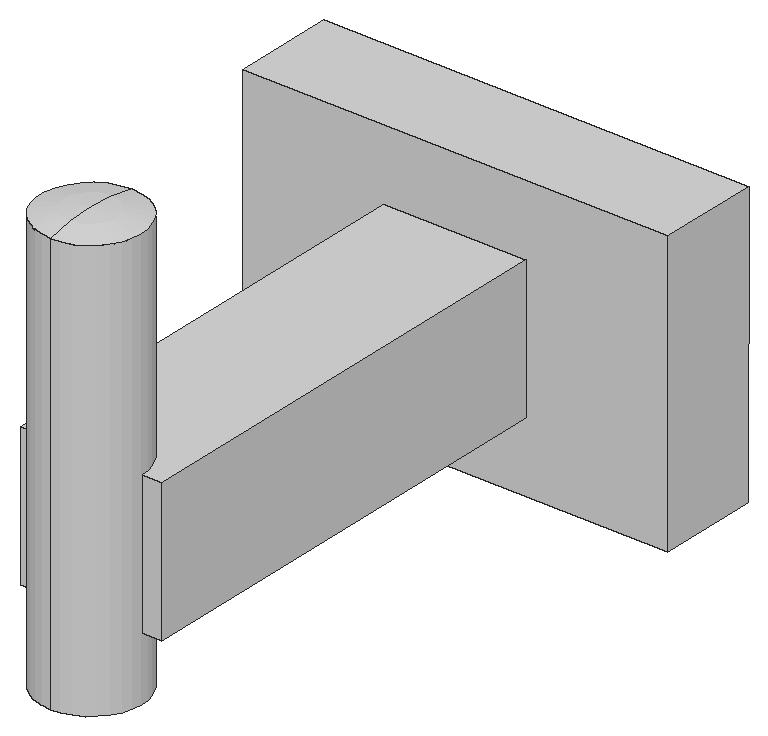
Revit family "Reece_Accessory_GROHE_Essentials Cube_Robe Hook", category Plumbing Fixtures, Revit 2018
Family settings
  Round Connector Dimension = Use Diameter
  Part Type = Normal
  Work Plane-Based = Yes
  Always vertical = Yes
  Cut with Voids When Loaded = Yes
  Shared = Yes
  Room Calculation Point = Yes
Parameters (values of type "Chrome")
  URL = "https://www.reece.com.au/product/-9506976"
  Type Comments = "Accessory"
  Reece_Product_Web Page = "https://www.reece.com.au/product/-9506976"
  Reece_Product_Type = "Accessory"  # constant formula
  Reece_Product_Sub Brand = "Essentials Cube"  # constant formula
  Reece_Product_Number = "9506976"
  Reece_Product_Mount = "Wall Mounted"
  Reece_Product_Description = "GROHE Essentials Cube Accessories Robe Hook Chrome"
  Reece_Product_Brand = "GROHE"  # constant formula
  Reece_Overall_Width = 42 mm  # constant formula
  Reece_Overall_Height = 43 mm  # constant formula
  Reece_Material_Main = Reece_Brass_Chrome
  Reece_Height_From_Level [instance] = 1000 mm
  Reece_Detail_Shape = ""
  Reece_Detail_Installation = ""
  Reece_Detail_Disclaimer = "THIS FILE IS THE PROPERTY OF THE REECE GROUP. IT MAY NOT BE REPRODUCED, REVERSE-ENGINEERED OR MODIFIED. ANY REPUBLICATION, TRANSMISSION OR DISTRIBUTION FOR THE PURPOSE OF COMMERCIALLY EXPLOITING THE FILES IS PROHIBITED."  # constant formula
  Reece_Detail_Connector = ""
  Reece_Detail_Additional = ""
  Reece_Accessory_Projection = 60 mm  # constant formula
  Model = "Essentials Cube"
  Manufacturer = "GROHE"
  Keynote = "Product #9506976, Reece_Accessory_GROHE_Essentials Cube_Robe Hook - Chrome"
  Disclaimer = "THIS FILE IS THE PROPERTY OF THE REECE GROUP. IT MAY NOT BE REPRODUCED, REVERSE-ENGINEERED OR MODIFIED. ANY REPUBLICATION, TRANSMISSION OR DISTRIBUTION FOR THE PURPOSE OF COMMERCIALLY EXPLOITING THE FILES IS PROHIBITED."  # constant formula
  Description = "GROHE Essentials Cube Accessories Robe Hook Chrome"
  Default Elevation = 0 mm
Types (2, lengths in mm): name | Keynote
  (no name) | "Product #9506976, Reece_Accessory_GROHE_Essentials Cube_Robe Hook -  "
  Chrome | "Product #9506976, Reece_Accessory_GROHE_Essentials Cube_Robe Hook - Chrome"
Reference planes
  plane 1 "Center (Front/Back)": y = 0
  plane 2 "Bottom Host Plane": z = -5
  plane 3 "Center (Left/Right)": x = 0
  plane 4 "Fixing Point": z = 1000
  plane 5: y = -60
  plane 6: z = 986.015
  plane 7: z = 1029.015
  plane 8: x = -21
  plane 9: x = 21
Forms (mm)
  Extrusion 1, solid, material "Reece_Brass_Chrome" <- "Reece_Material_Main"
    sketch origin (0, 0, 1000) x (0, -1, 0) y (1, 0, 0)
      loop
        line (0, -21) -> (10, -21) -> (10, 21) -> (0, 21) -> (0, -21)
    from -13.985 to 14
  Extrusion 2, solid, material "Reece_Brass_Chrome" <- "Reece_Material_Main"
    sketch origin (0, 0, 1000) x (0, -1, 0) y (1, 0, 0)
      loop
        line (10, 0) -> (10, -7) -> (55, -7) -> (55, 7) -> (10, 7) -> (10, 0)
    from -7 to 7
  Revolve 3, solid, material "Reece_Brass_Chrome" <- "Reece_Material_Main"
    sketch origin (0, -5, 0) x (0, 1, 0) y (0, 0, 1)
      loop
        line (-50, 986.005) -> (-50, 1028.995)
        arc (-50, 1028.995) -> (-52.52, 1028.836) -> (-55, 1028.36) r 20
        line (-55, 1028.36) -> (-55, 986.64)
        arc (-55, 986.64) -> (-52.52, 986.164) -> (-50, 986.005) r 20
      axis (-50, 986.005) -> (-50, 1028.995)
    angle from 0 to 360
Cuts and joins
  joined: Extrusion 2, Revolve 3
Lines and regions (mm)
  model lines, style "InvisibleLines"
    curve 1: line (0, 0, -5) -> (0, 0, 1000)
Text (mm)
  text "Reece ©" at (2582.884, -2294.487, 3139.441), in view "Reece Preview"
  text "Reece ©" at (103.119, -34.103, -1020.679), in view "Ref. Level"
Dimensions and locks
  locked: plane 2 "Bottom Host Plane" to level at 5
  "Reece_Height_From_Level": plane 4 "Fixing Point" to level
  "Reece_Accessory_Projection": plane 1 "Center (Front/Back)" to plane 5
  "Reece_Overall_Height": plane 6 to plane 7
  plane 1 "Center (Front/Back)" to plane 5 = 60 mm
  plane 7 to plane 6 = 43 mm
  "Reece_Overall_Width": plane 8 to plane 9
  plane 8 to plane 9 = 42 mm
  locked: plane 6 to plane 4 "Fixing Point" at 13.985
  aligned and locked: plane 4 "Fixing Point" to curve 1
  aligned and locked: plane 2 "Bottom Host Plane" to curve 1
Automatic sketch dimensions
  curve 1 to plane 3 "Center (Left/Right)" = 0 mm
  curve 1 to plane 2 "Bottom Host Plane" = 0 mm
  plane 1 "Center (Front/Back)" to Revolve 3 sketch curve = 60 mm
  Revolve 3 sketch curve to Revolve 3 sketch curve = 5 mm
  Revolve 3 sketch curve to Revolve 3 sketch curve = 0 mm
  Revolve 3 sketch curve to Revolve 3 sketch curve = 21.52 mm
  plane 4 "Fixing Point" to Revolve 3 sketch curve = 13.36 mm
  Revolve 3 sketch curve to Revolve 3 sketch curve = 6.78 mm
  Revolve 3 sketch curve to Revolve 3 sketch curve = 0.635 mm
  Revolve 3 sketch curve to Revolve 3 sketch curve = 2.99 mm
  Revolve 3 sketch curve to Revolve 3 sketch curve = 19.365 mm
  plane 1 "Center (Front/Back)" to Extrusion 1 sketch curve = 0 mm
  plane 1 "Center (Front/Back)" to Extrusion 1 sketch curve = 10 mm
  Extrusion 1 sketch curve to plane 3 "Center (Left/Right)" = 21 mm
  plane 3 "Center (Left/Right)" to Extrusion 1 sketch curve = 21 mm
  Extrusion 2 sketch curve to plane 3 "Center (Left/Right)" = 0 mm
  plane 1 "Center (Front/Back)" to Extrusion 2 sketch curve = 10 mm
  plane 5 to Extrusion 2 sketch curve = 5 mm
  Extrusion 2 sketch curve to plane 3 "Center (Left/Right)" = 7 mm
  Extrusion 2 sketch curve to Extrusion 2 sketch curve = 7 mm
